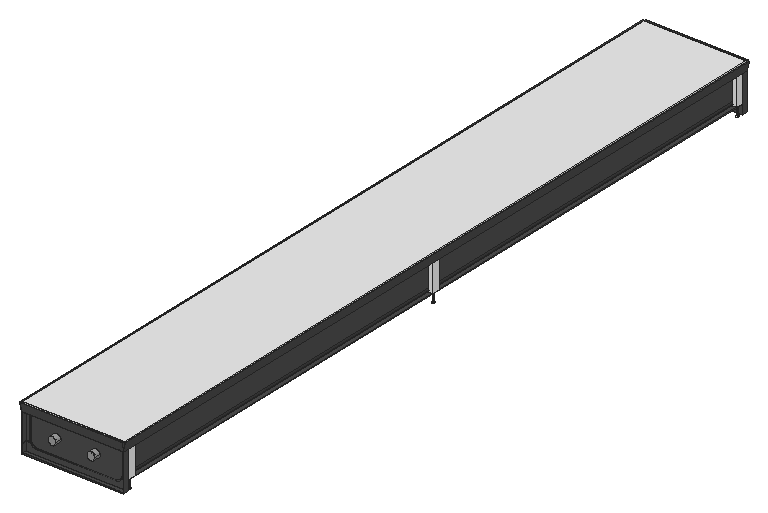
Revit family
Parameters
  Width = 135 mm  # constant formula
  URL = "http://viewer.zmags.com/publication/8c5887af"
  Tap Right Center = yes
  Tap Right = yes
  Tap Offset Right = if(Tap Right Center, 42.5 mm, 20 mm)  # 42.5 mm
  Tap Offset Left = if(Tap Left Center, 42.5 mm, 20 mm)  # 42.5 mm
  Tap Left Center = yes
  Tap Left = yes
  Screw = Aluminum Anodized White
  Model = "Convec Floorline"
  Manufacturer = "Meinertz"  # constant formula
  Length = 1000 mm
  Keynote = "Convec Floorline"
  Height = 59 mm  # constant formula
  Grill = Aluminum Anodized White Grill 6955
  GoGetNo = 6955  # constant formula
  Frame = Aluminum Anodized Black
Reference planes
  plane 1 "Center (Front/Back)": y = 0
  plane 2: z = 0
  plane 3 "Center (Left/Right)": x = 0
  plane 4: x = -67.5
  plane 5: x = 67.5
  plane 6: y = 500
  plane 7: y = -500
  plane 8: x = -25
  plane 9: x = 25
  plane 10: z = 59
  plane 11: z = 29.5
  plane 12: x = -25
  plane 13: x = 25
Forms (mm)
  Extrusion 1, solid, material "Tap", visible <- "Tap Right"
    sketch origin (0, 0, 0) x (1, 0, 0) y (0, 0, 1)
      loop
        circle (-25, 29.5) r 4.8
      loop
        circle (25, 29.5) r 4.8
    from 500 to 492.5
  Extrusion 2, solid, material "Tap", visible <- "Tap Left"
    sketch origin (0, 0, 0) x (1, 0, 0) y (0, 0, 1)
      loop
        circle (25, 29.5) r 4.8
      loop
        circle (-25, 29.5) r 4.8
    from -500 to -492.5
Dimensions and locks
  equal spacing: plane 4, plane 3 "Center (Left/Right)", plane 5
  "Width": plane 4 to plane 5
  equal spacing: plane 6, plane 1 "Center (Front/Back)", plane 7
  "Length": plane 6 to plane 7
  locked: plane 8 to plane 9 at 50
  "Height": plane 10 to plane 2
  equal spacing: plane 10, plane 11, plane 2
  locked: plane 12 to plane 13 at 50
  "Tap Offset Right": plane 13 to plane 5
  locked: Extrusion 2 to plane 6 at 7.5
  locked: Extrusion 1 to plane 7 at 7.5
  "Tap Offset Left": plane 9 to plane 5
  aligned and locked: level to plane 2
  aligned and locked: plane 1 "Center (Front/Back)" to nested 1
  aligned and locked: plane 3 "Center (Left/Right)" to nested 1
  aligned and locked: plane 10 to nested 1
  aligned and locked: Extrusion 2 to plane 6
  aligned and locked: Extrusion 1 to plane 7
Automatic sketch dimensions
  Extrusion 1 sketch curve to plane 8 = 0 mm
  plane 9 to Extrusion 1 sketch curve = 0 mm
  Extrusion 1 sketch curve to plane 11 = 0 mm  (x2)
  Extrusion 2 sketch curve to plane 8 = 0 mm
  plane 9 to Extrusion 2 sketch curve = 0 mm
  Extrusion 2 sketch curve to plane 11 = 0 mm  (x2)
  radius of Extrusion 1 sketch curve = 4.8 mm  (x2)
  radius of Extrusion 2 sketch curve = 4.8 mm  (x2)
Nested families
  nested 1: "Convec Floorline_Hatch" at (0, 0, 0), type "Convec Floorline_var01"
Connectors
  piping at (-25, -500, 29.5)
    settings: on Extrusion 1, index 1, connector radius 4.8 mm, flow factor 0, pipe flow 0.0 L/s, pressure drop 0.00 Pa, fitting loss kfactor 0, connector angle 0.00°, fixture units 0, flow configuration 1, flow direction 1, fitting loss method 0, system type 22, connector reference index -1, connector utility 0, adjustable connector no, is connector primary yes, fitting loss table "", connector description ""
  piping at (25, -500, 29.5)
    settings: on Extrusion 1, index 2, connector radius 4.8 mm, flow factor 0, pipe flow 0.0 L/s, pressure drop 0.00 Pa, fitting loss kfactor 0, connector angle 0.00°, fixture units 0, flow configuration 1, flow direction 2, fitting loss method 0, system type 22, connector reference index -1, connector utility 0, adjustable connector no, is connector primary no, fitting loss table "", connector description ""
  piping at (25, 500, 29.5)
    settings: on Extrusion 2, index 3, connector radius 4.8 mm, flow factor 0, pipe flow 0.0 L/s, pressure drop 0.00 Pa, fitting loss kfactor 0, connector angle 0.00°, fixture units 0, flow configuration 1, flow direction 1, fitting loss method 0, system type 22, connector reference index -1, connector utility 0, adjustable connector no, is connector primary no, fitting loss table "", connector description ""
  piping at (-25, 500, 29.5)
    settings: on Extrusion 2, index 4, connector radius 4.8 mm, flow factor 0, pipe flow 0.0 L/s, pressure drop 0.00 Pa, fitting loss kfactor 0, connector angle 0.00°, fixture units 0, flow configuration 1, flow direction 2, fitting loss method 0, system type 22, connector reference index -1, connector utility 0, adjustable connector no, is connector primary no, fitting loss table "", connector description ""
Definition of nested family "Convec Floorline_Hatch"
  Parameters (values of type "Convec Floorline_var01")
    Screw Array Distance = (Length - 2 * 13.5 mm) / (Screw Array Number - 1)  # 486.5 mm
    Grill = Aluminum Anodized White Grill 6955
    Screw = Aluminum Anodized White
    Mask Width = 3.43 mm
    Length = 1000 mm
    Height = 59 mm
    Frame = Aluminum Anodized Black
    Depth = 135 mm
    Assembly Code = ""
    Screw Array Number = (Length / 500 mm) + 1  # 3
  Reference planes
    plane 1 "Center (Front/Back)": y = 0
    plane 2: z = 0
    plane 3 "Center (Left/Right)": x = 0
    plane 4: x = 67.5
    plane 5: x = -67.5
    plane 6: y = -500
    plane 7: y = 500
    plane 8: z = 59
    plane 9: x = -65.5
    plane 10: x = 65.5
    plane 11: y = -491.5
    plane 12: y = 491.5
    plane 13: y = -492.5
    plane 14: y = 492.5
    plane 15: y = -498
    plane 16: y = 498
    plane 17: x = -64.5
    plane 18: x = 64.5
    plane 19: z = 1
    plane 20: z = 48
    plane 21: y = -494.92
    plane 22: y = 494.92
    plane 23: y = -150
    plane 24: y = -150
    plane 25: y = -486.5
    plane 26: y = 486.5
  Forms (mm)
    Extrusion 1, solid, material "Aluminum Anodized Black" <- "Frame"
      sketch origin (1944.447, -500, 1200) x (1, 0, 0) y (0, 0, 1)
        loop
          line (-2009.112, -1151) -> (-2010.931, -1141) -> (-2011.947, -1141) -> (-2009.947, -1152) -> (-2004.447, -1152) -> (-2004.447, -1182.5)
          arc (-2004.447, -1182.5) -> (-2004.176, -1184.813) -> (-2003.377, -1187) r 10
          line (-2003.377, -1187) -> (-2009.947, -1187) -> (-2009.947, -1188) -> (-2002.799, -1188)
          arc (-2002.799, -1188) -> (-1999.19, -1191.303) -> (-1994.447, -1192.5) r 10
          line (-1994.447, -1192.5) -> (-1894.447, -1192.5)
          arc (-1894.447, -1192.5) -> (-1889.704, -1191.303) -> (-1886.095, -1188) r 10
          line (-1886.095, -1188) -> (-1878.947, -1188) -> (-1878.947, -1187) -> (-1885.517, -1187)
          arc (-1885.517, -1187) -> (-1884.718, -1184.813) -> (-1884.447, -1182.5) r 10
          line (-1884.447, -1182.5) -> (-1884.447, -1152) -> (-1878.947, -1152) -> (-1876.947, -1141) -> (-1877.963, -1141) -> (-1879.782, -1151) -> (-1885.447, -1151) -> (-1885.447, -1182.5)
          arc (-1885.447, -1182.5) -> (-1888.083, -1188.864) -> (-1894.447, -1191.5) r 9
          line (-1894.447, -1191.5) -> (-1994.447, -1191.5)
          arc (-1994.447, -1191.5) -> (-2000.811, -1188.864) -> (-2003.447, -1182.5) r 9
          line (-2003.447, -1182.5) -> (-2003.447, -1151) -> (-2009.112, -1151)
      from -998 to -2
    Extrusion 2, solid, material "Aluminum Anodized Black" <- "Frame"
      sketch origin (67.5, 1296.25, 1200) x (0, 1, 0) y (0, 0, 1)
        loop
          line (-1787.75, -1200) -> (-1787.75, -1151) -> (-1793.416, -1151) -> (-1795.234, -1141) -> (-1796.25, -1141) -> (-1794.25, -1152) -> (-1794.25, -1200) -> (-1787.75, -1200)
      from -133 to -2
    Extrusion 3, solid, material "Aluminum Anodized Black" <- "Frame"
      sketch origin (67.5, 1296.25, 1200) x (0, 1, 0) y (0, 0, 1)
        loop
          line (-804.75, -1200) -> (-798.25, -1200) -> (-798.25, -1152) -> (-796.25, -1141) -> (-797.267, -1141) -> (-799.085, -1151) -> (-804.75, -1151) -> (-804.75, -1200)
      from -133 to -2
    Extrusion 4, void
      sketch origin (1944.447, -500, 1200) x (-1, 0, 0) y (0, 0, 1)
        loop
          line (2008.947, -1152) -> (1879.947, -1152) -> (1879.947, -1199) -> (2008.947, -1199) -> (2008.947, -1152)
      from 0 to 7.5
    Extrusion 5, void
      sketch origin (1944.447, 500, 1200) x (-1, 0, 0) y (0, 0, 1)
        loop
          line (1879.947, -1152) -> (1879.947, -1199) -> (2008.947, -1199) -> (2008.947, -1152) -> (1879.947, -1152)
      from -7.5 to 0
    Extrusion 6, solid, material "Aluminum Anodized White Grill 6955" <- "Grill"
      sketch origin (0, 0, 0) x (1, 0, 0) y (0, 1, 0)
        loop
          line (-65.5, -497.165) -> (65.5, -497.165) -> (65.5, 497.165) -> (-65.5, 497.165) -> (-65.5, -497.165)
      from 49 to 59
  Cuts and joins
    Extrusion 4, Extrusion 5 cuts Extrusion 1
    Extrusion 4 cuts Extrusion 2
    Extrusion 5 cuts Extrusion 3
  Lines and regions (mm)
    Masking region 1
      outline origin (67.5, 1296.25, 1200) x (0, 1, 0) y (0, 0, 1)
        loop
          line (-1794.25, -1152) -> (-1794.25, -1200) -> (-1787.75, -1200) -> (-1787.75, -1152) -> (-1794.25, -1152)
        loop
          line (-804.75, -1152) -> (-804.75, -1200) -> (-798.25, -1200) -> (-798.25, -1152) -> (-804.75, -1152)
    Masking region 2, not visible
      outline origin (0, 0, 0) x (1, 0, 0) y (0, 1, 0)
        loop
          line (-64.5, -150.75) -> (64.5, -150.75) -> (64.5, -149.25) -> (-64.5, -149.25) -> (-64.5, -150.75)
    Masking region 3, not visible
      outline origin (0, 0, 0) x (1, 0, 0) y (0, 1, 0)
        loop
          line (64.5, -150.75) -> (65.5, -150.75) -> (66.484, -150.75) -> (66.484, -149.25) -> (65.5, -149.25) -> (64.5, -149.25) -> (64.5, -150.75)
        loop
          line (-64.5, -150.75) -> (-64.5, -149.25) -> (-65.5, -149.25) -> (-66.484, -149.25) -> (-66.484, -150.75) -> (-65.5, -150.75) -> (-64.5, -150.75)
    symbolic lines
      curve 1: line (-65.5, 0, 48) -> (-67.5, 0, 59)
      curve 2: line (-67.5, 0, 59) -> (-66.484, 0, 59)
      curve 3: line (-66.484, 0, 59) -> (-65.5, 0, 53.59)
      curve 4: line (65.5, 0, 48) -> (67.5, 0, 59)
      curve 5: line (67.5, 0, 59) -> (66.484, 0, 59)
      curve 6: line (66.484, 0, 59) -> (65.5, 0, 53.59)
  Dimensions and locks
    "Length": plane 6 to plane 7
    "Depth": plane 5 to plane 4
    "Height": plane 8 to level
    equal spacing: plane 6, plane 1 "Center (Front/Back)", plane 7
    equal spacing: plane 5, plane 3 "Center (Left/Right)", plane 4
    Extrusion 1 to plane 5 = 8.5 mm
    locked: plane 12 to plane 7 at 8.5
    locked: plane 6 to plane 11 at 8.5
    locked: plane 13 to plane 11 at 1
    locked: plane 12 to plane 14 at 1
    locked: plane 6 to plane 15 at 2
    locked: plane 16 to plane 7 at 2
    Extrusion 2 to plane 17 = 1 mm
    Extrusion 2 to plane 18 = 1 mm
    locked: plane 19 to Extrusion 2 at 1
    plane 17 to cut or joined group of Extrusion 1, Extrusion 4, Extrusion 5 = 1 mm
    plane 18 to cut or joined group of Extrusion 1, Extrusion 4, Extrusion 5 = 1 mm
    equal spacing: plane 21, plane 1 "Center (Front/Back)", plane 22
    locked: plane 21 to plane 22 at 989.84
    equal spacing: plane 25, plane 1 "Center (Front/Back)", plane 26
    locked: plane 25 to plane 26 at 973
    plane 26 to plane 7 = 13.5 mm
    equal spacing: group 2, group 3, group 4  (x2)
    equal spacing: group 4, group 3, group 2
    "Screw Array Distance": nested 3 to nested 1
    equal spacing: group 5, group 6, group 7  (x2)
    equal spacing: group 7, group 6, group 5
    "Screw Array Distance": nested 5 to nested 2
    aligned and locked: plane 9 to Extrusion 1 sketch curve
    aligned and locked: plane 10 to Extrusion 1 sketch curve
    aligned and locked: Extrusion 1 sketch curve to plane 8
    aligned and locked: plane 15 to Extrusion 1
    aligned and locked: Extrusion 1 to plane 16
    aligned and locked: plane 11 to Extrusion 2 sketch curve
    aligned and locked: Extrusion 2 sketch curve to plane 15
    aligned and locked: level to Extrusion 2 sketch curve
    aligned and locked: Extrusion 2 sketch curve to Extrusion 1
    aligned and locked: plane 8 to Extrusion 2 sketch curve
    aligned and locked: plane 12 to Extrusion 3 sketch curve
    aligned and locked: Extrusion 3 sketch curve to level
    aligned and locked: Extrusion 3 sketch curve to plane 16
    aligned and locked: Extrusion 1 to Extrusion 3 sketch curve
    aligned and locked: Extrusion 3 sketch curve to plane 8
    aligned and locked: Extrusion 1 to plane 20
    aligned and locked: plane 17 to Extrusion 4 sketch curve
    aligned and locked: Extrusion 4 sketch curve to plane 20
    aligned and locked: plane 19 to Extrusion 4 sketch curve
    aligned and locked: Extrusion 4 sketch curve to plane 18
    aligned and locked: plane 6 to Extrusion 4
    aligned and locked: Extrusion 4 to plane 13
    aligned and locked: plane 18 to Extrusion 5 sketch curve
    aligned and locked: plane 20 to Extrusion 5 sketch curve
    aligned and locked: plane 17 to Extrusion 5 sketch curve
    aligned and locked: plane 19 to Extrusion 5 sketch curve
    aligned and locked: plane 14 to Extrusion 5
    aligned and locked: Extrusion 5 to plane 7
    aligned and locked: Extrusion 6 sketch curve to cut or joined group of Extrusion 2, Extrusion 4  (x2)
    aligned and locked: cut or joined group of Extrusion 3, Extrusion 5 to Extrusion 6 sketch curve
    aligned and locked: Extrusion 6 sketch curve to cut or joined group of Extrusion 3, Extrusion 5
    aligned and locked: Extrusion 6 to cut or joined group of Extrusion 1, Extrusion 4, Extrusion 5
    aligned and locked: plane 8 to Extrusion 6
    aligned and locked: cut or joined group of Extrusion 3, Extrusion 5 to cut or joined group of Extrusion 1, Extrusion 4, Extrusion 5  (x2)
    aligned and locked: cut or joined group of Extrusion 1, Extrusion 4, Extrusion 5 to Masking region 1 sketch curve
    aligned and locked: Masking region 1 sketch curve to cut or joined group of Extrusion 2, Extrusion 4  (x3)
    aligned and locked: nested 1 to cut or joined group of Extrusion 3, Extrusion 5
    aligned and locked: nested 1 to plane 20
    aligned and locked: nested 2 to plane 12
    aligned and locked: cut or joined group of Extrusion 3, Extrusion 5 to nested 2
    aligned and locked: nested 2 to plane 20
    aligned and locked: nested 1 to plane 12
    aligned and locked: nested 3 to cut or joined group of Extrusion 3, Extrusion 5
    aligned and locked: nested 3 to plane 20
    aligned and locked: cut or joined group of Extrusion 3, Extrusion 5 to nested 5
    aligned and locked: nested 5 to plane 20
  Automatic sketch dimensions
    Extrusion 1 sketch curve to Extrusion 1 sketch curve = 0 mm  (x12)
    Extrusion 1 sketch curve to plane 5 = 0 mm
    Extrusion 1 sketch curve to plane 9 = 0 mm
    Extrusion 1 sketch curve to plane 10 = 0 mm
    Extrusion 1 sketch curve to plane 8 = 0 mm
    Extrusion 1 sketch curve to plane 4 = 0 mm
    Extrusion 1 sketch curve to plane 9 = 0.984 mm
    plane 9 to Extrusion 1 sketch curve = 0.835 mm
    plane 9 to Extrusion 1 sketch curve = 5.5 mm
    Extrusion 1 sketch curve to Extrusion 1 sketch curve = 1 mm  (x5)
    Extrusion 1 sketch curve to Extrusion 1 sketch curve = 0.07 mm  (x2)
    Extrusion 1 sketch curve to Extrusion 1 sketch curve = 0.579 mm  (x2)
    Extrusion 1 sketch curve to Extrusion 1 sketch curve = 9 mm
    Extrusion 1 sketch curve to plane 10 = 15.5 mm
    Extrusion 1 sketch curve to plane 10 = 7.148 mm
    Extrusion 1 sketch curve to plane 10 = 0.835 mm
    plane 10 to Extrusion 1 sketch curve = 0.984 mm
    Extrusion 1 sketch curve to plane 8 = 10 mm  (x2)
    level to Extrusion 1 sketch curve = 17.5 mm
    plane 6 to Extrusion 2 sketch curve = 0 mm
    Extrusion 2 sketch curve to Extrusion 2 sketch curve = 1.016 mm
    Extrusion 2 sketch curve to Extrusion 2 sketch curve = 0.835 mm
    Extrusion 2 sketch curve to Extrusion 2 sketch curve = 1 mm
    Extrusion 3 sketch curve to Extrusion 3 sketch curve = 0.835 mm
    Extrusion 3 sketch curve to Extrusion 3 sketch curve = 1.818 mm
    Extrusion 3 sketch curve to Extrusion 3 sketch curve = 1.016 mm
    Extrusion 3 sketch curve to Extrusion 3 sketch curve = 1 mm
    Masking region 1 sketch curve to plane 12 = 0 mm
    Masking region 1 sketch curve to plane 16 = 0 mm
    Masking region 1 sketch curve to level = 0 mm
    Masking region 1 sketch curve to plane 20 = 0 mm
    curve 1 to plane 5 = 0 mm
    curve 2 to plane 8 = 0 mm
    curve 1 to plane 20 = 0 mm
    curve 4 to plane 20 = 0 mm
    curve 5 to plane 8 = 0 mm
    curve 5 to plane 4 = 0 mm
    curve 1 to curve 2 = 1.016 mm
    curve 3 to plane 17 = 1 mm
    curve 1 to plane 17 = 1 mm
    curve 4 to plane 18 = 1 mm
    curve 6 to plane 18 = 1 mm
    curve 5 to plane 4 = 1.016 mm
    curve 3 to plane 8 = 5.41 mm
    curve 6 to plane 8 = 5.41 mm
    Masking region 3 sketch curve to Masking region 3 sketch curve = 0.984 mm  (x3)
    plane 23 to Masking region 2 sketch curve = 0.75 mm
    Masking region 2 sketch curve to Masking region 2 sketch curve = 129 mm
    Masking region 2 sketch curve to plane 23 = 0.75 mm
    Masking region 3 sketch curve to plane 24 = 0.75 mm  (x2)
    Masking region 3 sketch curve to Masking region 3 sketch curve = 1 mm  (x3)
    plane 24 to Masking region 3 sketch curve = 0.75 mm  (x2)
    Masking region 3 sketch curve to Masking region 3 sketch curve = 129 mm
  Nested families
    nested 1: "Convec Floorline - Screw" at (62.75, 486.5, 0), type "Screw"
    nested 2: "Convec Floorline - Screw" at (-62.75, 486.5, 0), type "Screw"
    nested 3: "Convec Floorline - Screw" at (62.75, 0, 0), type "Screw"
    nested 4: "Convec Floorline - Screw" at (62.75, -486.5, 0), type "Screw"
    nested 5: "Convec Floorline - Screw" at (-62.75, 0, 0), type "Screw"
    nested 6: "Convec Floorline - Screw" at (-62.75, -486.5, 0), type "Screw"
  Definition of nested family "Convec Floorline - Screw"
    Parameters (values of type "Screw")
      Screw = Aluminum Anodized White
      Assembly Code = ""
    Reference planes
      plane 1 "Center (Front/Back)": y = 0
      plane 2: z = 0
      plane 3 "Center (Left/Right)": x = 0
      plane 4: z = 13
      plane 5: z = 48
    Forms (mm)
      Extrusion 1, solid, material "Aluminum Anodized White" <- "Screw"
        sketch origin (-62.75, 0, 0) x (1, 0, 0) y (0, 1, 0)
          loop
            line (60, 5) -> (60, -5) -> (65.5, -5) -> (65.5, 5) -> (60, 5)
        from 13 to 48
      Revolve 2, solid, material "Aluminum Anodized White" <- "Screw"
        sketch origin (-62.75, 0, 0) x (1, 0, 0) y (0, 0, 1)
          loop
            line (62.75, 12) -> (62.75, 0) -> (64.55, 0) -> (63.55, 1) -> (63.55, 12) -> (62.75, 12)
          axis (62.75, 0) -> (62.75, 12)
        angle from 0 to 360
    Dimensions and locks
      plane 5 to plane 4 = 35 mm
      aligned and locked: Extrusion 1 to plane 4
      aligned and locked: Revolve 2 sketch curve to level
